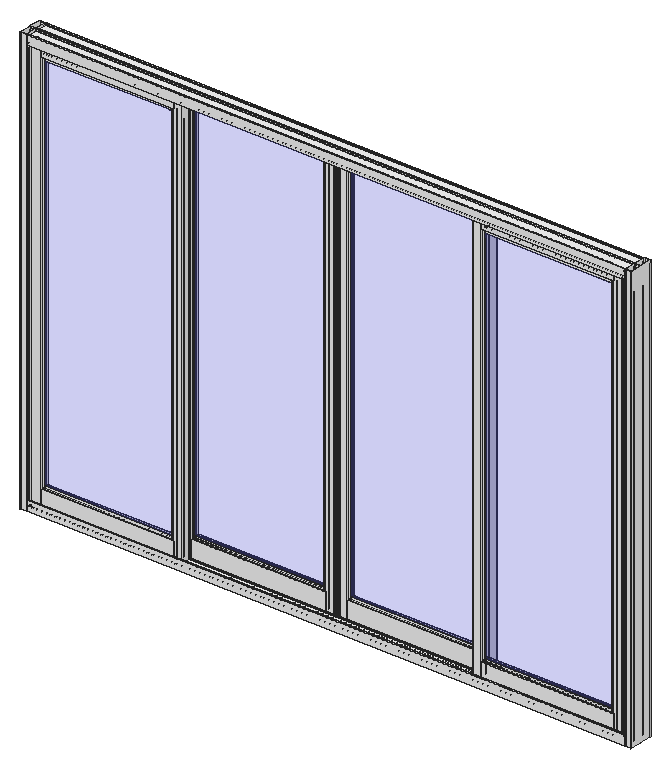
Revit family "Palace_Multi_OXXO_Custom", category Doors, host Wall, Revit 2014 (continued)
Definition of nested family "Palace_Sash_Fixed_Palace_OXXO_Cust"
  Definition of nested family "Palace_Double_Glazing_Bead"
    Reference planes
      plane 3 "Center (Left/Right)": x = 0
    Forms (mm)
      Sweep 1, solid, material <- "Profile Material"
        path origin (0, 0, 0) x (1, 0, 0) y (0, 0, 1)
          loop
            line (0, 0) -> (600, 0) -> (600, 900) -> (0, 900) -> (0, 0)
        profile origin (300, 0, 0) x (0, 0, 1) y (0, -1, 0)
          loop
            line (1.6, 21.9) -> (7.5, 21.9) -> (7.5, 18.8) -> (9.35, 18.8)
            arc (9.35, 18.8) -> (9.75, 19.2) -> (9.35, 19.6) r 0.4
            line (9.35, 19.6) -> (8.55, 19.6) -> (8.55, 21.9) -> (13.95, 21.9) -> (13.95, 19.6) -> (13.15, 19.6)
            arc (13.15, 19.6) -> (12.75, 19.2) -> (13.15, 18.8) r 0.4
            line (13.15, 18.8) -> (15, 18.8) -> (15, 23.5) -> (0, 23.5) -> (0, 15.9) -> (-1.387, 15.9) -> (-1.387, 16.7)
            arc (-1.387, 16.7) -> (-2.102, 16.411) -> (-2.4, 15.7) r 1
            line (-2.4, 15.7) -> (-2.4, 0.5)
            arc (-2.4, 0.5) -> (-1.9, 0) -> (-1.4, 0.5) r 0.5
            line (-1.4, 0.5) -> (-1.4, 3.5) -> (-0.4, 3.5) -> (-0.4, 14.5) -> (1.6, 14.5) -> (1.6, 21.9)
    Lines and regions (mm)
      symbolic lines
        curve 1: line (15, 0, 15) -> (15, 0, -3.262)
        curve 2: line (585, 0, 15) -> (585, 0, -2.637)
        curve 3: line (585, 0, 885) -> (585, 0, 902.012)
        curve 4: line (15, 0, 885) -> (15, 0, 902.325)
    Dimensions and locks
      "Bead Width": Sweep 1 sketch curve to Sweep 1 sketch curve
      "Bead Height": Sweep 1 sketch curve to Sweep 1 sketch curve
      aligned and locked: level to plane 2
      aligned and locked: Sweep 1 to curve 3  (x2)
      aligned and locked: Sweep 1 to curve 4
      aligned and locked: curve 4 to Sweep 1
      aligned and locked: Sweep 1 to curve 1
      aligned and locked: curve 1 to Sweep 1
      aligned and locked: Sweep 1 to curve 2
      aligned and locked: curve 2 to Sweep 1
    Automatic sketch dimensions
      profile plane to Sweep 1 sketch curve = 2.4 mm
      Sweep 1 sketch curve to Sweep 1 sketch curve = 0.5 mm
      Sweep 1 sketch curve to Sweep 1 sketch curve = 1 mm  (x2)
      Sweep 1 sketch curve to Sweep 1 sketch curve = 0.012 mm
      Sweep 1 sketch curve to Sweep 1 sketch curve = 1.387 mm
      Sweep 1 sketch curve to Sweep 1 sketch curve = 1.6 mm  (x2)
      Sweep 1 sketch curve to Sweep 1 sketch curve = 5.9 mm
      Sweep 1 sketch curve to Sweep 1 sketch curve = 1.05 mm  (x2)
      Sweep 1 sketch curve to Sweep 1 sketch curve = 0.8 mm  (x2)
      Sweep 1 sketch curve to Sweep 1 sketch curve = 3.8 mm
      Sweep 1 sketch curve to Sweep 1 sketch curve = 3 mm
      Sweep 1 sketch curve to Sweep 1 sketch curve = 11 mm
      Sweep 1 sketch curve to Sweep 1 sketch curve = 1.2 mm
      Sweep 1 sketch curve to Sweep 1 sketch curve = 0.2 mm
      Sweep 1 sketch curve to Sweep 1 sketch curve = 4.3 mm
      Sweep 1 sketch curve to Sweep 1 sketch curve = 0 mm  (x2)
      Sweep 1 sketch curve to Sweep 1 sketch curve = 0.4 mm  (x2)
      Sweep 1 sketch curve to Sweep 1 sketch curve = 2.3 mm
      plane 1 "Center (Front/Back)" to Sweep 1 sketch curve = 0.5 mm
      curve 1 to level = 3.262 mm
      curve 2 to level = 2.637 mm
      curve 4 to curve 4 = 17.325 mm
      curve 3 to curve 3 = 17.012 mm
      Sweep 1 sketch curve to plane 3 "Center (Left/Right)" = 0 mm
      Sweep 1 sketch curve to level = 0 mm
  Definition of nested family "Single_Glazing_Palace_OXXO_Cust"
    Parameters (values of type "Single_Glazing")
      Glazing Width [instance] = 900 mm
      Glazing Height [instance] = 900 mm
      Right Sliding [instance] = yes
      Length Arrow Tip [instance] = if((Glazing Height - (2 * 50.3 mm)) / 8 > Length Arrow / 3.3, Length Arrow / 3.3, (Glazing Height - (2 * 50.3 mm)) / 8)  # 80.747 mm
      Length Arrow [instance] = (Glazing Width - (2 * 50.3 mm)) / 3  # 266.467 mm
      Left Sliding [instance] = yes
      Is Sliding [instance] = if(or(Right Sliding, Left Sliding), 1 = 1, 1 = 2)  # yes
      Glazing Thickness SG [instance] = 4 mm
      Glazing Material [instance] = Glass
      Double Glazing Gasket Material [instance] = none
      Arrow Tip Length [instance] = if((Glazing Height - (2 * 50.3 mm)) / 8 > Length Arrow / 3.3, Length Arrow / 3.3, (Glazing Height - (2 * 50.3 mm)) / 8)  # 80.747 mm
      Arrow Tip Angle = 45.00°  # constant formula
      Arrow Left Gap [instance] = (Glazing Width - Length Arrow) / 2  # 316.767 mm
      Arrow Bottom Gap [instance] = Glazing Height / 2  # 450 mm
    Reference planes
      plane 1 "Center (Front/Back)": y = 0
      plane 2: z = 0
      plane 3 "Center (Left/Right)": x = 0
    Forms (mm)
      Extrusion 1, solid, material "Glass" <- "Glazing Material"
        sketch origin (0, 0, 0) x (1, 0, 0) y (0, 0, 1)
          loop
            line (0, 0) -> (0, 900) -> (-900, 900) -> (-900, 0) -> (0, 0)
        from 0 to 4 <- "Glazing Thickness SG"
    Lines and regions (mm)
      model lines, visible <- "Is Sliding"
        curve 1: line (-583.233, -4, 450) -> (-316.767, -4, 450)
      model lines, visible <- "Left Sliding"
        curve 2: line (-316.767, -4, 450) -> (-373.864, -4, 507.097)
        curve 3: line (-316.767, -4, 450) -> (-373.864, -4, 392.903)
      model lines, visible <- "Right Sliding"
        curve 4: line (-583.233, -4, 450) -> (-526.136, -4, 507.097)
        curve 5: line (-583.233, -4, 450) -> (-526.136, -4, 392.903)
    Dimensions and locks
      "Length Arrow": curve 1 to curve 1
      "Arrow Left Gap": plane 3 "Center (Left/Right)" to curve 1
      "Arrow Bottom Gap": level to curve 1
      "Arrow Tip Length": curve 3 to curve 2
      "Arrow Tip Length": curve 3 to curve 3
      "Length Arrow Tip": curve 5 to curve 5
      "Length Arrow Tip": curve 5 to curve 4
      "Glazing Width": plane 3 "Center (Left/Right)" to Extrusion 1 sketch curve
      "Glazing Height": Extrusion 1 sketch curve to level
      "Arrow Tip Angle": angle curve 3 to curve 1
      "Arrow Tip Angle": angle curve 1 to curve 2
      "Arrow Tip Angle": angle curve 4 to curve 1
      "Arrow Tip Angle": angle curve 1 to curve 5
      aligned and locked: level to plane 2
      aligned and locked: Extrusion 1 sketch curve to plane 3 "Center (Left/Right)"
      aligned and locked: level to Extrusion 1 sketch curve
  Definition of nested family "Double_Glazing_Palace_OXXO_Cust"
    Parameters (values of type "Double_Glazing")
      Glazing Width [instance] = 600 mm
      Glazing Height [instance] = 600 mm
      Right Sliding [instance] = yes
      Length Arrow Tip [instance] = if((Glazing Height - (2 * 50.3 mm)) / 8 > Length Arrow / 3.3, Length Arrow / 3.3, (Glazing Height - (2 * 50.3 mm)) / 8)  # 50.444 mm
      Length Arrow [instance] = (Glazing Width - (2 * 50.3 mm)) / 3  # 166.467 mm
      Left Sliding [instance] = yes
      Is Sliding [instance] = if(or(Right Sliding, Left Sliding), 1 = 1, 1 = 2)  # yes
      Glazing Thickness DG [instance] = 4 mm
      Glazing Material [instance] = Glass
      Double Glazing Gasket Thickness [instance] = 12 mm
      Double Glazing Gasket Material [instance] = none
      Arrow Tip Length [instance] = if((Glazing Height - (2 * 50.3 mm)) / 8 > Length Arrow / 3.3, Length Arrow / 3.3, (Glazing Height - (2 * 50.3 mm)) / 8)  # 50.444 mm
      Arrow Tip Angle = 45.00°  # constant formula
      Arrow Left Gap [instance] = (Glazing Width - Length Arrow) / 2  # 216.767 mm
      Arrow Bottom Gap [instance] = Glazing Height / 2  # 300 mm
    Reference planes
      plane 1 "Center (Front/Back)": y = 0
      plane 2: z = 0
      plane 3 "Center (Left/Right)": x = 0
    Forms (mm)
      Extrusion 1, solid, material "Glass" <- "Glazing Material"
        sketch origin (0, 0, 0) x (1, 0, 0) y (0, 0, 1)
          loop
            line (0, 0) -> (0, 600) -> (-600, 600) -> (-600, 0) -> (0, 0)
        from 0 to 4 <- "Glazing Thickness DG"
      Extrusion 2, solid, material <- "Double Glazing Gasket Material"
        sketch origin (0, -4, 0) x (1, 0, 0) y (0, 0, 1)
          loop
            line (-600, 600) -> (-600, 0) -> (0, 0) -> (0, 600) -> (-600, 600)
          loop
            line (-592, 8) -> (-8, 8) -> (-8, 592) -> (-592, 592) -> (-592, 8)
        from 0 to 12 <- "Double Glazing Gasket Thickness"
      Extrusion 3, solid, material "Glass" <- "Glazing Material"
        sketch origin (0, -16, 0) x (1, 0, 0) y (0, 0, 1)
          loop
            line (-600, 600) -> (-600, 0) -> (0, 0) -> (0, 600) -> (-600, 600)
        from 0 to 4 <- "Glazing Thickness DG"
    Lines and regions (mm)
      model lines, visible <- "Is Sliding"
        curve 1: line (-383.233, -20, 300) -> (-216.767, -20, 300)
      model lines, visible <- "Left Sliding"
        curve 2: line (-216.767, -20, 300) -> (-252.436, -20, 335.67)
        curve 3: line (-216.767, -20, 300) -> (-252.436, -20, 264.33)
      model lines, visible <- "Right Sliding"
        curve 4: line (-383.233, -20, 300) -> (-347.564, -20, 335.67)
        curve 5: line (-383.233, -20, 300) -> (-347.564, -20, 264.33)
    Dimensions and locks
      "Length Arrow": curve 1 to curve 1
      "Arrow Left Gap": plane 3 "Center (Left/Right)" to curve 1
      "Arrow Bottom Gap": level to curve 1
      "Arrow Tip Length": curve 3 to curve 2
      "Arrow Tip Length": curve 3 to curve 3
      "Length Arrow Tip": curve 5 to curve 5
      "Length Arrow Tip": curve 5 to curve 4
      "Glazing Width": plane 3 "Center (Left/Right)" to Extrusion 1 sketch curve
      "Glazing Height": Extrusion 1 sketch curve to level
      "Arrow Tip Angle": angle curve 3 to curve 1
      "Arrow Tip Angle": angle curve 1 to curve 2
      "Arrow Tip Angle": angle curve 4 to curve 1
      "Arrow Tip Angle": angle curve 1 to curve 5
      aligned and locked: level to plane 2
      aligned and locked: Extrusion 1 sketch curve to plane 3 "Center (Left/Right)"
      aligned and locked: level to Extrusion 1 sketch curve
      aligned and locked: Extrusion 2 sketch curve to Extrusion 1  (x4)
      aligned and locked: Extrusion 3 sketch curve to Extrusion 2  (x4)
    Automatic sketch dimensions
      Extrusion 2 sketch curve to Extrusion 1 = 8 mm  (x4)
  Definition of nested family "Palace_Heavy_Duty_Fixed_Interlocker"
    Parameters (values of type "Palace_Heavy_Duty_Fixed_Interlocker")
      Profile Material = none
      Length Interlocker [instance] = 250 mm
    Reference planes
      plane 1 "Center (Front/Back)": y = 0
      plane 2: z = 0
      plane 3 "Center (Left/Right)": x = 0
    Forms (mm)
      Extrusion 1, solid, material <- "Profile Material"
        sketch origin (0, 0, 0) x (1, 0, 0) y (0, 1, 0)
          loop
            arc (63.697, 110.567) -> (63.257, 111.628) -> (62.197, 112.067) r 1.5
            line (62.197, 112.067) -> (60.697, 112.067)
            arc (60.697, 112.067) -> (60.197, 111.567) -> (60.697, 111.067) r 0.5
            line (60.697, 111.067) -> (61.497, 111.067) -> (61.497, 109.867) -> (54.397, 109.867) -> (54.397, 111.067) -> (55.197, 111.067)
            arc (55.197, 111.067) -> (55.697, 111.567) -> (55.197, 112.067) r 0.5
            line (55.197, 112.067) -> (52.197, 112.067) -> (51.597, 111.567) -> (42.297, 111.567)
            arc (42.297, 111.567) -> (41.698, 111.009) -> (42.213, 110.373) r 0.6
            line (42.213, 110.373) -> (59.476, 107.934)
            arc (59.476, 107.934) -> (60.706, 107.265) -> (61.197, 105.954) r 2
            line (61.197, 105.954) -> (61.197, 103.267) -> (23.697, 103.267) -> (23.697, 93.576)
            arc (23.697, 93.576) -> (24.175, 93.076) -> (24.695, 93.532) r 0.5
            line (24.695, 93.532) -> (24.803, 94.767) -> (26.297, 94.767) -> (26.297, 76.267) -> (24.934, 76.267) -> (24.695, 79.002)
            arc (24.695, 79.002) -> (24.175, 79.458) -> (23.697, 78.958) r 0.5
            line (23.697, 78.958) -> (23.697, 66.067) -> (12.797, 66.067) -> (12.097, 65.667) -> (9.897, 65.667) -> (9.897, 66.967) -> (8.697, 66.967) -> (8.697, 64.267) -> (23.697, 64.267) -> (23.697, 8.267) -> (63.697, 8.267) -> (63.697, 110.567)
          loop
            line (25.697, 59.267) -> (25.697, 12.767) -> (61.697, 12.767) -> (61.697, 59.267) -> (25.697, 59.267)
          loop
            line (26.697, 74.467) -> (25.497, 74.467) -> (25.497, 61.067) -> (61.897, 61.067) -> (61.897, 101.267) -> (25.497, 101.267) -> (25.497, 96.567) -> (26.697, 96.567)
            arc (26.697, 96.567) -> (27.686, 96.157) -> (28.097, 95.167) r 1.4
            line (28.097, 95.167) -> (28.097, 75.867)
            arc (28.097, 75.867) -> (27.686, 74.877) -> (26.697, 74.467) r 1.4
        from 0 to 250 <- "Length Interlocker"
      Extrusion 2, void
        sketch origin (63.697, 102.967, 0) x (0, 1, 0) y (0, 0, -1)
          loop
            line (-52.2, 0) -> (-52.2, -19) -> (-46.4, -19) -> (-46.4, 0) -> (-52.2, 0)
          loop
            line (-52.2, -250) -> (-46.4, -250) -> (-46.4, -231) -> (-52.2, -231) -> (-52.2, -250)
        from 0 to 250
    Cuts and joins
      Extrusion 2 cuts Extrusion 1
    Dimensions and locks
      locked: Extrusion 2 sketch curve to Extrusion 1 at 42.5  (x2)
      locked: Extrusion 2 sketch curve to Extrusion 2 sketch curve at 5.8  (x2)
      locked: Extrusion 2 sketch curve to Extrusion 2 sketch curve at 19  (x2)
      aligned and locked: level to plane 2
      aligned and locked: Extrusion 1 to Extrusion 2 sketch curve
      aligned and locked: Extrusion 2 sketch curve to Extrusion 1
Definition of nested family "Palace_Sash_Meeting_Palace_OXXO_Cust"
  Parameters (values of type "Palace_Sash_Meeting")
    Standard Interlocker [instance] = if(or(Interlock Configuration = 0 mm, Interlock Configuration = 1 mm), 1 = 1, 1 = 0)  # yes
    Standard Astragal [instance] = if(Has Astragal, if(Meeting Stile Configuration = 0 mm, 1 = 1, 1 = 0), 1 = 0)  # yes
    Single Glazing [instance] = not(Double Glazing)  # yes
    Sill Height = 85 mm
    SG Exterior Offset [instance] = Back Glazing Pillar Gap - SG Available Space + ((SG Available Space - Glazing Thickness SG) / 2)  # 27.85 mm
    SG Available Space = 12.9 mm  # constant formula
    Meeting Stile Configuration [instance] = 0 mm
    Length Jamb & Interlocker [instance] = Sash Height  # 900 mm
    Meeting Stile Width = 50 mm  # constant formula
    Heavy Duty Interlock [instance] = if(Interlock Configuration = 2 mm, 1 = 1, 1 = 0)  # no
    Interlocker Width = 40 mm  # constant formula
    Interlock Configuration [instance] = 1 mm
    Sash Width [instance] = 900 mm
    Sash Height [instance] = 900 mm
    Right Sliding [instance] = yes
    Profile Material [instance] = White Powder Coated Aluminium ANP 1052
    Length Sash Head & Sill [instance] = Sash Width - Interlocker Width - Meeting Stile Width  # 810 mm
    Left Sliding [instance] = yes
    Is Sliding [instance] = if(or(Right Sliding, Left Sliding), 1 = 1, 1 = 2)  # yes
    Heavy Duty Astragal [instance] = if(Has Astragal, if(Meeting Stile Configuration = 1 mm, 1 = 1, 1 = 0), 1 = 0)  # no
    Head Height = 50 mm  # constant formula
    Has Astragal [instance] = yes
    Glazing Width [instance] = Sash Width - Glazing Jamb Gap - Glazing Interlocker Gap  # 800 mm
    Glazing Thickness DG [instance] = 3 mm
    Glazing Thickness SG [instance] = 4 mm
    Glazing Spacer = 5 mm  # constant formula
    Glazing Sill Gap = Sill Height + Glazing Spacer  # 90 mm
    Glazing Material [instance] = Glass
    Glazing Jamb Gap = Meeting Stile Width + Glazing Spacer  # 55 mm
    Glazing Interlocker Gap = Interlocker Width + Glazing Spacer  # 45 mm
    Glazing Height [instance] = Sash Height - Glazing Head Gap - Glazing Sill Gap  # 755 mm
    Glazing Head Gap = Head Height + Glazing Spacer  # 55 mm
    DG Gasket Thickness [instance] = 12 mm
    Double Glazing Gasket Material [instance] = none
    Double Glazing [instance] = no
    DG Exterior Offset [instance] = Back Glazing Pillar Gap - DG Available Space + ((DG Available Space - ((Glazing Thickness DG * 2) + DG Gasket Thickness)) / 2)  # 12.9 mm
    DG Available Space = 28.8 mm  # constant formula
    Bead Width [instance] = Sash Width - Interlocker Width - Meeting Stile Width  # 810 mm
    Bead Height [instance] = Sash Height - Sill Height - Head Height  # 765 mm
    Bead Gap From Exterior = 10.4 mm  # constant formula
    Back Glazing Pillar Gap = 36.3 mm  # constant formula
  Reference planes
    plane 1 "Center (Front/Back)": y = 0
    plane 2: z = 0
    plane 3 "Center (Left/Right)": x = 0
  Dimensions and locks
    "Interlocker Width": nested 1 to plane 3 "Center (Left/Right)"
    "Interlocker Width": nested 2 to plane 3 "Center (Left/Right)"
    "Sash Height": nested 2 to level
    "Interlocker Width": nested 3 to plane 3 "Center (Left/Right)"
    "Sill Height": nested 3 to level
    "Bead Gap From Exterior": nested 3 to plane 1 "Center (Front/Back)"
    "Interlocker Width": nested 4 to plane 3 "Center (Left/Right)"
    "Bead Gap From Exterior": nested 4 to plane 1 "Center (Front/Back)"
    "Sill Height": nested 4 to level
    "Glazing Interlocker Gap": nested 5 to plane 3 "Center (Left/Right)"
    "Glazing Sill Gap": nested 5 to level
    "SG Exterior Offset": nested 5 to plane 1 "Center (Front/Back)"
    "Glazing Interlocker Gap": nested 6 to plane 3 "Center (Left/Right)"
    "DG Exterior Offset": nested 6 to plane 1 "Center (Front/Back)"
    "Glazing Sill Gap": nested 6 to level
    "Sash Width": nested 9 to plane 3 "Center (Left/Right)"
    "Sash Width": nested 10 to plane 3 "Center (Left/Right)"
    "Sash Width": nested 11 to plane 3 "Center (Left/Right)"
    aligned and locked: level to plane 2
    aligned and locked: nested 1 to plane 1 "Center (Front/Back)"
    aligned and locked: nested 2 to plane 1 "Center (Front/Back)"
    aligned and locked: nested 1 to level
    aligned and locked: nested 7 to plane 1 "Center (Front/Back)"
    aligned and locked: plane 3 "Center (Left/Right)" to nested 7
    aligned and locked: nested 7 to level
    aligned and locked: plane 3 "Center (Left/Right)" to nested 8
    aligned and locked: nested 8 to plane 1 "Center (Front/Back)"
    aligned and locked: nested 8 to level
    aligned and locked: nested 9 to plane 1 "Center (Front/Back)"
    aligned and locked: nested 9 to level
    aligned and locked: nested 10 to plane 1 "Center (Front/Back)"
    aligned and locked: nested 10 to level
    aligned and locked: nested 11 to plane 1 "Center (Front/Back)"
    aligned and locked: nested 11 to level
  Nested families
    nested 1: "Palace_Sash_Sill" at (-850, -51.791, -7.573), Profile Material <- "Profile Material", Length Sill <- "Length Sash Head & Sill", type "Palace_Sash_Sill"
      with Profile Material White Powder Coated Aluminium ANP 1052, Length Sill 810 mm
    nested 2: "Palace_Sash_Head" at (-850, -69.85, 642.265), Length Head <- "Length Sash Head & Sill", Profile Material <- "Profile Material", type "Palace_Sash_Head"
      with Profile Material White Powder Coated Aluminium ANP 1052, Length Head 810 mm
    nested 3: "Palace_Angled_Glazing_Bead" at (-40, -23.399, 85) x (-1, 0, 0) z (0, 0, 1), Bead Width <- "Bead Width", Bead Height <- "Bead Height", Profile Material <- "Profile Material", visible <- "Single Glazing", type "Palace_Angled_Glazing_Bead"
      with Profile Material White Powder Coated Aluminium ANP 1052, Bead Width 810 mm, Bead Height 765 mm
    nested 4: "Palace_Double_Glazing_Bead" at (-40, -26.3, 85) x (-1, 0, 0) z (0, 0, 1), Bead Width <- "Bead Width", Bead Height <- "Bead Height", Profile Material <- "Profile Material", visible <- "Double Glazing", type "Palace_Double_Glazing_Bead"
      with Profile Material White Powder Coated Aluminium ANP 1052, Bead Width 810 mm, Bead Height 765 mm
    nested 5: "Single_Glazing_Palace_OXXO_Cust" at (-845, -31.85, 90) x (-1, 0, 0) z (0, 0, 1), Right Sliding <- "Right Sliding", Left Sliding <- "Left Sliding", Glazing Width <- "Glazing Width", Glazing Height <- "Glazing Height", Double Glazing Gasket Material <- "Double Glazing Gasket Material", Glazing Material <- "Glazing Material", Glazing Thickness SG <- "Glazing Thickness SG", visible <- "Single Glazing", type "Single_Glazing_Palace_OXXO_Cust"
      with Right Sliding yes, Length Arrow Tip 70.646 mm, Length Arrow 233.133 mm, Left Sliding yes, Is Sliding yes, Glazing Width 800 mm, Glazing Thickness SG 4 mm, Glazing Material Glass, Glazing Height 755 mm, Double Glazing Gasket Material none, Arrow Tip Length 70.646 mm, Arrow Left Gap 283.433 mm, Arrow Bottom Gap 377.5 mm
    nested 6: "Double_Glazing_Palace_OXXO_Cust" at (-845, -30.9, 90) x (-1, 0, 0) z (0, 0, 1), Glazing Width <- "Glazing Width", Glazing Height <- "Glazing Height", Glazing Material <- "Glazing Material", Double Glazing Gasket Material <- "Double Glazing Gasket Material", Double Glazing Gasket Thickness <- "DG Gasket Thickness", Glazing Thickness DG <- "Glazing Thickness DG", visible <- "Double Glazing", Right Sliding <- "Right Sliding", Left Sliding <- "Left Sliding", type "Double_Glazing_Palace_OXXO_Cust"
      with Right Sliding yes, Length Arrow Tip 70.646 mm, Length Arrow 233.133 mm, Left Sliding yes, Is Sliding yes, Glazing Width 800 mm, Glazing Thickness DG 3 mm, Glazing Material Glass, Glazing Height 755 mm, Double Glazing Gasket Thickness 12 mm, Double Glazing Gasket Material none, Arrow Tip Length 70.646 mm, Arrow Left Gap 283.433 mm, Arrow Bottom Gap 377.5 mm
    nested 7: "Palace_Sliding_Interlocker" at (-86.142, -119.741, 0), Profile Material <- "Profile Material", Length Interlocker <- "Length Jamb & Interlocker", visible <- "Standard Interlocker", type "Palace_Sliding_Interlocker"
      with Profile Material White Powder Coated Aluminium ANP 1052, Length Interlocker 900 mm
    nested 8: "Palace_Heavy_Duty_Sliding_Interlocker" at (-83.599, -157.115, 0), Profile Material <- "Profile Material", Length Interlocker <- "Length Jamb & Interlocker", visible <- "Heavy Duty Interlock", type "Palace_Heavy_Duty_Sliding_Interlocker"
      with Profile Material White Powder Coated Aluminium ANP 1052, Length Interlocker 900 mm
    nested 9: "Palace_Sash_Meeting_Stile" at (-907.649, 10.031, 0) x (0, -1, 0) z (0, 0, 1), Length Meeting Stile <- "Length Jamb & Interlocker", Profile Material <- "Profile Material", type "Palace_Sash_Meeting_Stile"
      with Profile Material White Powder Coated Aluminium ANP 1052, Length Meeting Stile 900 mm
    nested 10: "Palace_Heavy_Duty_Astragal" at (-883.247, 40.237, 0) x (-1, 0, 0) z (0, 0, 1), Length Heavy Duty Astragal <- "Length Jamb & Interlocker", Profile Material <- "Profile Material", visible <- "Heavy Duty Astragal", type "Palace_Heavy_Duty_Astragal"
      with Profile Material White Powder Coated Aluminium ANP 1052, Length Heavy Duty Astragal 900 mm
    nested 11: "Palace_Astragal" at (-874.949, 16.967, 0) x (-1, 0, 0) z (0, 0, 1), Length Astragal <- "Length Jamb & Interlocker", Profile Material <- "Profile Material", visible <- "Standard Astragal", type "Palace_Astragal"
      with Profile Material White Powder Coated Aluminium ANP 1052, Length Astragal 900 mm
  Definition of nested family "Palace_Sash_Sill"
    Parameters (values of type "Palace_Sash_Sill")
      Profile Material [instance] = none
      Length Sill [instance] = 250 mm
      Cutout Width = 15 mm  # constant formula
    Reference planes
      plane 1 "Center (Front/Back)": y = 0
      plane 2: z = 0
      plane 3 "Center (Left/Right)": x = 0
    Forms (mm)
      Extrusion 1, solid, material <- "Profile Material"
        sketch origin (0, 0, 0) x (0, 1, 0) y (0, 0, 1)
          loop
            line (7.791, 7.573) -> (9.591, 7.573) -> (9.591, 9.573) -> (12.691, 9.573) -> (12.691, 11.173) -> (9.581, 11.173) -> (9.581, 23.69) -> (10.091, 24.653) -> (10.091, 27.573) -> (49.486, 27.573) -> (49.486, 24.587) -> (50.041, 23.54) -> (50.041, 11.173) -> (46.891, 11.173) -> (46.891, 9.573) -> (49.991, 9.573) -> (49.991, 7.573) -> (51.791, 7.573) -> (51.791, 92.573) -> (42.095, 92.573)
            arc (42.095, 92.573) -> (41.595, 92.095) -> (42.051, 91.575) r 0.5
            line (42.051, 91.575) -> (43.286, 91.467) -> (43.286, 89.973) -> (24.786, 89.973) -> (24.786, 91.335) -> (27.521, 91.575)
            arc (27.521, 91.575) -> (27.977, 92.095) -> (27.477, 92.573) r 0.5
            line (27.477, 92.573) -> (14.586, 92.573) -> (14.586, 103.473) -> (14.186, 104.173) -> (14.186, 106.373) -> (15.486, 106.373) -> (15.486, 107.573) -> (12.786, 107.573) -> (12.786, 92.573) -> (7.791, 92.573) -> (7.791, 7.573)
          loop
            line (9.581, 90.773) -> (9.581, 29.373) -> (50, 29.373) -> (50, 90.773) -> (45.086, 90.773) -> (45.086, 89.573)
            arc (45.086, 89.573) -> (44.676, 88.583) -> (43.686, 88.173) r 1.4
            line (43.686, 88.173) -> (24.386, 88.173)
            arc (24.386, 88.173) -> (23.396, 88.583) -> (22.986, 89.573) r 1.4
            line (22.986, 89.573) -> (22.986, 90.773) -> (9.581, 90.773)
        from 0 to 250 <- "Length Sill"
      Extrusion 2, void
        sketch origin (0, 0, 0) x (1, 0, 0) y (0, 1, 0)
          loop
            line (0, 15.486) -> (0, 12.786) -> (15, 12.786) -> (15, 15.486) -> (0, 15.486)
          loop
            line (235, 15.486) -> (235, 12.786) -> (250, 12.786) -> (250, 15.486) -> (235, 15.486)
        from 0 to 250
    Cuts and joins
      Extrusion 2 cuts Extrusion 1
    Dimensions and locks
      "Cutout Width": Extrusion 1 to Extrusion 2 sketch curve
      "Cutout Width": Extrusion 2 sketch curve to Extrusion 1
      aligned and locked: level to plane 2
      aligned and locked: Extrusion 2 sketch curve to Extrusion 1  (x6)
    Automatic sketch dimensions
      Extrusion 1 sketch curve to plane 1 "Center (Front/Back)" = 7.791 mm
      Extrusion 1 sketch curve to plane 1 "Center (Front/Back)" = 9.581 mm
      Extrusion 1 sketch curve to Extrusion 1 sketch curve = 0 mm
      Extrusion 1 sketch curve to Extrusion 1 sketch curve = 0.01 mm
      Extrusion 1 sketch curve to Extrusion 1 sketch curve = 0.51 mm
      Extrusion 1 sketch curve to Extrusion 1 sketch curve = 3.11 mm
      Extrusion 1 sketch curve to Extrusion 1 sketch curve = 3.205 mm
      Extrusion 1 sketch curve to Extrusion 1 sketch curve = 1.4 mm  (x3)
      Extrusion 1 sketch curve to Extrusion 1 sketch curve = 1.8 mm  (x4)
      Extrusion 1 sketch curve to Extrusion 1 sketch curve = 1.3 mm
      Extrusion 1 sketch curve to Extrusion 1 sketch curve = 8.4 mm
      Extrusion 1 sketch curve to Extrusion 1 sketch curve = 0.4 mm  (x3)
      Extrusion 1 sketch curve to Extrusion 1 sketch curve = 2.691 mm
      Extrusion 1 sketch curve to Extrusion 1 sketch curve = 0.044 mm  (x2)
      Extrusion 1 sketch curve to Extrusion 1 sketch curve = 14.53 mm
      Extrusion 1 sketch curve to Extrusion 1 sketch curve = 1.235 mm
      level to Extrusion 1 sketch curve = 9.573 mm
      Extrusion 1 sketch curve to Extrusion 1 sketch curve = 34.2 mm
      Extrusion 1 sketch curve to Extrusion 1 sketch curve = 2.596 mm
      Extrusion 1 sketch curve to Extrusion 1 sketch curve = 3.1 mm
      Extrusion 1 sketch curve to Extrusion 1 sketch curve = 4.914 mm
      Extrusion 1 sketch curve to Extrusion 1 sketch curve = 0.05 mm
      level to Extrusion 1 sketch curve = 7.573 mm
      Extrusion 1 sketch curve to Extrusion 1 sketch curve = 2 mm  (x2)
      Extrusion 1 sketch curve to Extrusion 1 sketch curve = 1.6 mm  (x2)
      Extrusion 1 sketch curve to Extrusion 1 sketch curve = 12.367 mm
      Extrusion 1 sketch curve to Extrusion 1 sketch curve = 12.517 mm
      Extrusion 1 sketch curve to Extrusion 1 sketch curve = 1.048 mm
      Extrusion 1 sketch curve to Extrusion 1 sketch curve = 0.963 mm
      Extrusion 1 sketch curve to Extrusion 1 sketch curve = 2.92 mm
      Extrusion 1 sketch curve to Extrusion 1 sketch curve = 58.8 mm
      Extrusion 1 sketch curve to Extrusion 1 sketch curve = 1.2 mm  (x3)
      Extrusion 1 sketch curve to Extrusion 1 sketch curve = 1.363 mm
      Extrusion 1 sketch curve to Extrusion 1 sketch curve = 1.494 mm
      Extrusion 1 sketch curve to Extrusion 1 sketch curve = 0.239 mm
      Extrusion 1 sketch curve to Extrusion 1 sketch curve = 0.108 mm
      Extrusion 1 sketch curve to Extrusion 1 sketch curve = 0.498 mm  (x2)
      Extrusion 1 sketch curve to Extrusion 1 sketch curve = 10.9 mm
      Extrusion 1 sketch curve to Extrusion 1 sketch curve = 0.7 mm
      Extrusion 1 sketch curve to Extrusion 1 sketch curve = 2.2 mm
  Definition of nested family "Palace_Sash_Head"
    Parameters (values of type "Palace_Sash_Head")
      Profile Material [instance] = none
      Length Head [instance] = 250 mm
      Cutout Width = 15 mm  # constant formula
    Reference planes
      plane 1 "Center (Front/Back)": y = 0
      plane 2: z = 0
      plane 3 "Center (Left/Right)": x = 0
    Forms (mm)
      Extrusion 1, solid, material <- "Profile Material"
        sketch origin (0, 0, 0) x (0, 1, 0) y (0, 0, 1)
          loop
            line (69.85, 257.735) -> (68.05, 257.735) -> (68.05, 255.735) -> (64.95, 255.735) -> (64.95, 254.135) -> (68.1, 254.135) -> (68.1, 241.768) -> (67.545, 240.72) -> (67.545, 237.735) -> (28.15, 237.735) -> (28.15, 240.654) -> (27.64, 241.618) -> (27.64, 254.135) -> (30.75, 254.135) -> (30.75, 255.735) -> (27.65, 255.735) -> (27.65, 257.735) -> (25.85, 257.735) -> (25.85, 207.735) -> (30.845, 207.735) -> (30.845, 192.735) -> (33.545, 192.735) -> (33.545, 193.935) -> (32.245, 193.935) -> (32.245, 196.135) -> (32.645, 196.835) -> (32.645, 207.735) -> (45.537, 207.735)
            arc (45.537, 207.735) -> (46.036, 208.213) -> (45.58, 208.733) r 0.5
            line (45.58, 208.733) -> (42.845, 208.972) -> (42.845, 210.335) -> (61.345, 210.335) -> (61.345, 208.841) -> (60.111, 208.733)
            arc (60.111, 208.733) -> (59.655, 208.213) -> (60.154, 207.735) r 0.5
            line (60.154, 207.735) -> (69.85, 207.735) -> (69.85, 257.735)
          loop
            line (27.64, 235.935) -> (27.64, 209.535) -> (41.045, 209.535) -> (41.045, 210.735)
            arc (41.045, 210.735) -> (41.455, 211.725) -> (42.445, 212.135) r 1.4
            line (42.445, 212.135) -> (61.745, 212.135)
            arc (61.745, 212.135) -> (62.735, 211.725) -> (63.145, 210.735) r 1.4
            line (63.145, 210.735) -> (63.145, 209.535) -> (68.06, 209.535) -> (68.06, 235.935) -> (27.64, 235.935)
        from 0 to 250 <- "Length Head"
      Extrusion 2, void
        sketch origin (0, 0, 0) x (1, 0, 0) y (0, 1, 0)
          loop
            line (250, 30.845) -> (250, 33.545) -> (235, 33.545) -> (235, 30.845) -> (250, 30.845)
          loop
            line (15, 33.545) -> (0, 33.545) -> (0, 30.845) -> (15, 30.845) -> (15, 33.545)
        from 0 to 250
    Cuts and joins
      Extrusion 2 cuts Extrusion 1
    Dimensions and locks
      "Cutout Width": Extrusion 1 to Extrusion 2 sketch curve
      "Cutout Width": Extrusion 2 sketch curve to Extrusion 1
      aligned and locked: level to plane 2
      aligned and locked: Extrusion 1 to Extrusion 2 sketch curve  (x2)
      aligned and locked: Extrusion 2 sketch curve to Extrusion 1  (x4)
    Automatic sketch dimensions
      Extrusion 1 sketch curve to plane 1 "Center (Front/Back)" = 25.85 mm
      Extrusion 1 sketch curve to Extrusion 1 sketch curve = 1.79 mm  (x2)
      Extrusion 1 sketch curve to Extrusion 1 sketch curve = 0 mm  (x2)
      Extrusion 1 sketch curve to Extrusion 1 sketch curve = 1.8 mm  (x3)
      Extrusion 1 sketch curve to Extrusion 1 sketch curve = 0.51 mm
      Extrusion 1 sketch curve to Extrusion 1 sketch curve = 3.1 mm  (x2)
      Extrusion 1 sketch curve to Extrusion 1 sketch curve = 3.205 mm
      Extrusion 1 sketch curve to Extrusion 1 sketch curve = 1.4 mm  (x3)
      Extrusion 1 sketch curve to Extrusion 1 sketch curve = 1.3 mm
      Extrusion 1 sketch curve to Extrusion 1 sketch curve = 8.4 mm
      Extrusion 1 sketch curve to Extrusion 1 sketch curve = 0.4 mm  (x3)
      Extrusion 1 sketch curve to Extrusion 1 sketch curve = 2.691 mm
      Extrusion 1 sketch curve to Extrusion 1 sketch curve = 0.044 mm  (x2)
      Extrusion 1 sketch curve to Extrusion 1 sketch curve = 14.53 mm
      Extrusion 1 sketch curve to Extrusion 1 sketch curve = 1.235 mm
      Extrusion 1 sketch curve to Extrusion 1 sketch curve = 34.2 mm
      Extrusion 1 sketch curve to Extrusion 1 sketch curve = 2.596 mm
      Extrusion 1 sketch curve to Extrusion 1 sketch curve = 4.914 mm
      Extrusion 1 sketch curve to Extrusion 1 sketch curve = 0.554 mm
      level to Extrusion 1 sketch curve = 192.735 mm
      Extrusion 1 sketch curve to Extrusion 1 sketch curve = 1.2 mm
      Extrusion 1 sketch curve to Extrusion 1 sketch curve = 2.2 mm
      Extrusion 1 sketch curve to Extrusion 1 sketch curve = 0.7 mm
      Extrusion 1 sketch curve to Extrusion 1 sketch curve = 10.9 mm  (x2)
      Extrusion 1 sketch curve to Extrusion 1 sketch curve = 0.5 mm  (x2)
      Extrusion 1 sketch curve to Extrusion 1 sketch curve = 0.108 mm
      Extrusion 1 sketch curve to Extrusion 1 sketch curve = 0.239 mm
      Extrusion 1 sketch curve to Extrusion 1 sketch curve = 0.563 mm
      Extrusion 1 sketch curve to Extrusion 1 sketch curve = 0.694 mm
      Extrusion 1 sketch curve to Extrusion 1 sketch curve = 1.363 mm
      Extrusion 1 sketch curve to Extrusion 1 sketch curve = 23.8 mm
      Extrusion 1 sketch curve to Extrusion 1 sketch curve = 2.92 mm
      Extrusion 1 sketch curve to Extrusion 1 sketch curve = 2.985 mm
      Extrusion 1 sketch curve to Extrusion 1 sketch curve = 0.963 mm
      Extrusion 1 sketch curve to Extrusion 1 sketch curve = 1.048 mm
      Extrusion 1 sketch curve to Extrusion 1 sketch curve = 12.367 mm
      Extrusion 1 sketch curve to Extrusion 1 sketch curve = 12.517 mm
      Extrusion 1 sketch curve to Extrusion 1 sketch curve = 1.6 mm  (x2)
      Extrusion 1 sketch curve to Extrusion 1 sketch curve = 2 mm  (x2)
  Definition of nested family "Palace_Angled_Glazing_Bead"
    Parameters (values of type "Palace_Angled_Glazing_Bead")
      Profile Material [instance] = none
      Bead Width [instance] = 1120 mm
      Bead Height [instance] = 1860 mm
    Reference planes
      plane 1 "Center (Front/Back)": y = 0
      plane 2: z = 0
      plane 3 "Center (Left/Right)": x = 0
    Forms (mm)
      Sweep 1, solid, material <- "Profile Material"
        path origin (0, 0, 0) x (1, 0, 0) y (0, 0, 1)
          loop
            line (0, 0) -> (1120, 0) -> (1120, 1860) -> (0, 1860) -> (0, 0)
        profile origin (560, 0, 0) x (0, 0, 1) y (0, -1, 0)
          loop
            line (7.999, 0.8) -> (7.999, 2.044) -> (10.199, 4.244) -> (12.521, 1.922) -> (11.399, 0.8) -> (10.599, 0.8) -> (10.599, 0) -> (14.999, 0) -> (14.999, 1) -> (0.793, 15.205) -> (0, 15.205) -> (0, 12.999) -> (-1.4, 12.999) -> (-1.4, 13.823)
            arc (-1.4, 13.823) -> (-2.107, 13.53) -> (-2.4, 12.823) r 1
            line (-2.4, 12.823) -> (-2.4, 11.899) -> (0.6, 11.899)
            arc (0.6, 11.899) -> (0.953, 12.045) -> (1.1, 12.399) r 0.5
            line (1.1, 12.399) -> (1.1, 13.343) -> (9.421, 5.022) -> (6.899, 2.5) -> (6.899, 1.1) -> (-1.6, 1.1)
            arc (-1.6, 1.1) -> (-2.165, 0.866) -> (-2.4, 0.3) r 0.8
            line (-2.4, 0.3) -> (-2.4, -2.5)
            arc (-2.4, -2.5) -> (-1.9, -3) -> (-1.4, -2.5) r 0.5
            line (-1.4, -2.5) -> (-1.4, 0) -> (8.799, 0) -> (8.799, 0.8) -> (7.999, 0.8)
    Dimensions and locks
      "Bead Width": Sweep 1 sketch curve to Sweep 1 sketch curve
      "Bead Height": Sweep 1 sketch curve to Sweep 1 sketch curve
      aligned and locked: level to plane 2
    Automatic sketch dimensions
      Sweep 1 sketch curve to plane 1 "Center (Front/Back)" = 0 mm  (x2)
      profile plane to Sweep 1 sketch curve = 0 mm
      profile plane to Sweep 1 sketch curve = 1.4 mm  (x2)
      Sweep 1 sketch curve to Sweep 1 sketch curve = 0.2 mm
      Sweep 1 sketch curve to Sweep 1 sketch curve = 0.5 mm  (x2)
      Sweep 1 sketch curve to Sweep 1 sketch curve = 1 mm  (x2)
      Sweep 1 sketch curve to profile plane = 0.6 mm
      Sweep 1 sketch curve to profile plane = 0.793 mm
      plane 1 "Center (Front/Back)" to Sweep 1 sketch curve = 1.1 mm
      Sweep 1 sketch curve to profile plane = 6.899 mm
      Sweep 1 sketch curve to Sweep 1 sketch curve = 1.1 mm
      Sweep 1 sketch curve to Sweep 1 sketch curve = 0.8 mm  (x2)
      Sweep 1 sketch curve to Sweep 1 sketch curve = 1.422 mm
      plane 1 "Center (Front/Back)" to Sweep 1 sketch curve = 4.244 mm
      Sweep 1 sketch curve to Sweep 1 sketch curve = 0.778 mm  (x2)
      Sweep 1 sketch curve to Sweep 1 sketch curve = 1.8 mm
      plane 1 "Center (Front/Back)" to Sweep 1 sketch curve = 1.922 mm
      Sweep 1 sketch curve to Sweep 1 sketch curve = 1.122 mm
      Sweep 1 sketch curve to Sweep 1 sketch curve = 2.5 mm
      plane 1 "Center (Front/Back)" to Sweep 1 sketch curve = 0.8 mm
      Sweep 1 sketch curve to Sweep 1 sketch curve = 0.456 mm
      Sweep 1 sketch curve to Sweep 1 sketch curve = 1.444 mm
      Sweep 1 sketch curve to Sweep 1 sketch curve = 0.924 mm
      Sweep 1 sketch curve to Sweep 1 sketch curve = 0.176 mm
      Sweep 1 sketch curve to Sweep 1 sketch curve = 1.862 mm
      Sweep 1 sketch curve to Sweep 1 sketch curve = 2.478 mm
      Sweep 1 sketch curve to plane 3 "Center (Left/Right)" = 0 mm
      Sweep 1 sketch curve to level = 0 mm
  Definition of nested family "Palace_Double_Glazing_Bead"
    Parameters (values of type "Palace_Double_Glazing_Bead")
      Profile Material [instance] = none
      Bead Width [instance] = 600 mm
      Bead Height [instance] = 900 mm
    Reference planes
      plane 1 "Center (Front/Back)": y = 0
      plane 2: z = 0
      plane 3 "Center (Left/Right)": x = 0
    Forms (mm)
      Sweep 1, solid, material <- "Profile Material"
        path origin (0, 0, 0) x (1, 0, 0) y (0, 0, 1)
          loop
            line (0, 0) -> (600, 0) -> (600, 900) -> (0, 900) -> (0, 0)
        profile origin (300, 0, 0) x (0, 0, 1) y (0, -1, 0)
          loop
            line (1.6, 21.9) -> (7.5, 21.9) -> (7.5, 18.8) -> (9.35, 18.8)
            arc (9.35, 18.8) -> (9.75, 19.2) -> (9.35, 19.6) r 0.4
            line (9.35, 19.6) -> (8.55, 19.6) -> (8.55, 21.9) -> (13.95, 21.9) -> (13.95, 19.6) -> (13.15, 19.6)
            arc (13.15, 19.6) -> (12.75, 19.2) -> (13.15, 18.8) r 0.4
            line (13.15, 18.8) -> (15, 18.8) -> (15, 23.5) -> (0, 23.5) -> (0, 15.9) -> (-1.387, 15.9) -> (-1.387, 16.7)
            arc (-1.387, 16.7) -> (-2.102, 16.411) -> (-2.4, 15.7) r 1
            line (-2.4, 15.7) -> (-2.4, 0.5)
            arc (-2.4, 0.5) -> (-1.9, 0) -> (-1.4, 0.5) r 0.5
            line (-1.4, 0.5) -> (-1.4, 3.5) -> (-0.4, 3.5) -> (-0.4, 14.5) -> (1.6, 14.5) -> (1.6, 21.9)
    Lines and regions (mm)
      symbolic lines
        curve 1: line (15, 0, 15) -> (15, 0, -3.262)
        curve 2: line (585, 0, 15) -> (585, 0, -2.637)
        curve 3: line (585, 0, 885) -> (585, 0, 902.012)
        curve 4: line (15, 0, 885) -> (15, 0, 902.325)
    Dimensions and locks
      "Bead Width": Sweep 1 sketch curve to Sweep 1 sketch curve
      "Bead Height": Sweep 1 sketch curve to Sweep 1 sketch curve
      aligned and locked: level to plane 2
      aligned and locked: Sweep 1 to curve 3  (x2)
      aligned and locked: Sweep 1 to curve 4
      aligned and locked: curve 4 to Sweep 1
      aligned and locked: Sweep 1 to curve 1
      aligned and locked: curve 1 to Sweep 1
      aligned and locked: Sweep 1 to curve 2
      aligned and locked: curve 2 to Sweep 1
    Automatic sketch dimensions
      profile plane to Sweep 1 sketch curve = 2.4 mm
      Sweep 1 sketch curve to Sweep 1 sketch curve = 0.5 mm
      Sweep 1 sketch curve to Sweep 1 sketch curve = 1 mm  (x2)
      Sweep 1 sketch curve to Sweep 1 sketch curve = 0.012 mm
      Sweep 1 sketch curve to Sweep 1 sketch curve = 1.387 mm
      Sweep 1 sketch curve to Sweep 1 sketch curve = 1.6 mm  (x2)
      Sweep 1 sketch curve to Sweep 1 sketch curve = 5.9 mm
      Sweep 1 sketch curve to Sweep 1 sketch curve = 1.05 mm  (x2)
      Sweep 1 sketch curve to Sweep 1 sketch curve = 0.8 mm  (x2)
      Sweep 1 sketch curve to Sweep 1 sketch curve = 3.8 mm
      Sweep 1 sketch curve to Sweep 1 sketch curve = 3 mm
      Sweep 1 sketch curve to Sweep 1 sketch curve = 11 mm
      Sweep 1 sketch curve to Sweep 1 sketch curve = 1.2 mm
      Sweep 1 sketch curve to Sweep 1 sketch curve = 0.2 mm
      Sweep 1 sketch curve to Sweep 1 sketch curve = 4.3 mm
      Sweep 1 sketch curve to Sweep 1 sketch curve = 0 mm  (x2)
      Sweep 1 sketch curve to Sweep 1 sketch curve = 0.4 mm  (x2)
      Sweep 1 sketch curve to Sweep 1 sketch curve = 2.3 mm
      plane 1 "Center (Front/Back)" to Sweep 1 sketch curve = 0.5 mm
      curve 1 to level = 3.262 mm
      curve 2 to level = 2.637 mm
      curve 4 to curve 4 = 17.325 mm
      curve 3 to curve 3 = 17.012 mm
      Sweep 1 sketch curve to plane 3 "Center (Left/Right)" = 0 mm
      Sweep 1 sketch curve to level = 0 mm
  Definition of nested family "Single_Glazing_Palace_OXXO_Cust"
    Parameters (values of type "Single_Glazing")
      Glazing Width [instance] = 900 mm
      Glazing Height [instance] = 900 mm
      Right Sliding [instance] = yes
      Length Arrow Tip [instance] = if((Glazing Height - (2 * 50.3 mm)) / 8 > Length Arrow / 3.3, Length Arrow / 3.3, (Glazing Height - (2 * 50.3 mm)) / 8)  # 80.747 mm
      Length Arrow [instance] = (Glazing Width - (2 * 50.3 mm)) / 3  # 266.467 mm
      Left Sliding [instance] = yes
      Is Sliding [instance] = if(or(Right Sliding, Left Sliding), 1 = 1, 1 = 2)  # yes
      Glazing Thickness SG [instance] = 4 mm
      Glazing Material [instance] = Glass
      Double Glazing Gasket Material [instance] = none
      Arrow Tip Length [instance] = if((Glazing Height - (2 * 50.3 mm)) / 8 > Length Arrow / 3.3, Length Arrow / 3.3, (Glazing Height - (2 * 50.3 mm)) / 8)  # 80.747 mm
      Arrow Tip Angle = 45.00°  # constant formula
      Arrow Left Gap [instance] = (Glazing Width - Length Arrow) / 2  # 316.767 mm
      Arrow Bottom Gap [instance] = Glazing Height / 2  # 450 mm
    Reference planes
      plane 1 "Center (Front/Back)": y = 0
      plane 2: z = 0
      plane 3 "Center (Left/Right)": x = 0
    Forms (mm)
      Extrusion 1, solid, material "Glass" <- "Glazing Material"
        sketch origin (0, 0, 0) x (1, 0, 0) y (0, 0, 1)
          loop
            line (0, 0) -> (0, 900) -> (-900, 900) -> (-900, 0) -> (0, 0)
        from 0 to 4 <- "Glazing Thickness SG"
    Lines and regions (mm)
      model lines, visible <- "Is Sliding"
        curve 1: line (-583.233, -4, 450) -> (-316.767, -4, 450)
      model lines, visible <- "Left Sliding"
        curve 2: line (-316.767, -4, 450) -> (-373.864, -4, 507.097)
        curve 3: line (-316.767, -4, 450) -> (-373.864, -4, 392.903)
      model lines, visible <- "Right Sliding"
        curve 4: line (-583.233, -4, 450) -> (-526.136, -4, 507.097)
        curve 5: line (-583.233, -4, 450) -> (-526.136, -4, 392.903)
    Dimensions and locks
      "Length Arrow": curve 1 to curve 1
      "Arrow Left Gap": plane 3 "Center (Left/Right)" to curve 1
      "Arrow Bottom Gap": level to curve 1
      "Arrow Tip Length": curve 3 to curve 2
      "Arrow Tip Length": curve 3 to curve 3
      "Length Arrow Tip": curve 5 to curve 5
      "Length Arrow Tip": curve 5 to curve 4
      "Glazing Width": plane 3 "Center (Left/Right)" to Extrusion 1 sketch curve
      "Glazing Height": Extrusion 1 sketch curve to level
      "Arrow Tip Angle": angle curve 3 to curve 1
      "Arrow Tip Angle": angle curve 1 to curve 2
      "Arrow Tip Angle": angle curve 4 to curve 1
      "Arrow Tip Angle": angle curve 1 to curve 5
      aligned and locked: level to plane 2
      aligned and locked: Extrusion 1 sketch curve to plane 3 "Center (Left/Right)"
      aligned and locked: level to Extrusion 1 sketch curve
  Definition of nested family "Double_Glazing_Palace_OXXO_Cust"
    Parameters (values of type "Double_Glazing")
      Glazing Width [instance] = 600 mm
      Glazing Height [instance] = 600 mm
      Right Sliding [instance] = yes
      Length Arrow Tip [instance] = if((Glazing Height - (2 * 50.3 mm)) / 8 > Length Arrow / 3.3, Length Arrow / 3.3, (Glazing Height - (2 * 50.3 mm)) / 8)  # 50.444 mm
      Length Arrow [instance] = (Glazing Width - (2 * 50.3 mm)) / 3  # 166.467 mm
      Left Sliding [instance] = yes
      Is Sliding [instance] = if(or(Right Sliding, Left Sliding), 1 = 1, 1 = 2)  # yes
      Glazing Thickness DG [instance] = 4 mm
      Glazing Material [instance] = Glass
      Double Glazing Gasket Thickness [instance] = 12 mm
      Double Glazing Gasket Material [instance] = none
      Arrow Tip Length [instance] = if((Glazing Height - (2 * 50.3 mm)) / 8 > Length Arrow / 3.3, Length Arrow / 3.3, (Glazing Height - (2 * 50.3 mm)) / 8)  # 50.444 mm
      Arrow Tip Angle = 45.00°  # constant formula
      Arrow Left Gap [instance] = (Glazing Width - Length Arrow) / 2  # 216.767 mm
      Arrow Bottom Gap [instance] = Glazing Height / 2  # 300 mm
    Reference planes
      plane 1 "Center (Front/Back)": y = 0
      plane 2: z = 0
      plane 3 "Center (Left/Right)": x = 0
    Forms (mm)
      Extrusion 1, solid, material "Glass" <- "Glazing Material"
        sketch origin (0, 0, 0) x (1, 0, 0) y (0, 0, 1)
          loop
            line (0, 0) -> (0, 600) -> (-600, 600) -> (-600, 0) -> (0, 0)
        from 0 to 4 <- "Glazing Thickness DG"
      Extrusion 2, solid, material <- "Double Glazing Gasket Material"
        sketch origin (0, -4, 0) x (1, 0, 0) y (0, 0, 1)
          loop
            line (-600, 600) -> (-600, 0) -> (0, 0) -> (0, 600) -> (-600, 600)
          loop
            line (-592, 8) -> (-8, 8) -> (-8, 592) -> (-592, 592) -> (-592, 8)
        from 0 to 12 <- "Double Glazing Gasket Thickness"
      Extrusion 3, solid, material "Glass" <- "Glazing Material"
        sketch origin (0, -16, 0) x (1, 0, 0) y (0, 0, 1)
          loop
            line (-600, 600) -> (-600, 0) -> (0, 0) -> (0, 600) -> (-600, 600)
        from 0 to 4 <- "Glazing Thickness DG"
    Lines and regions (mm)
      model lines, visible <- "Is Sliding"
        curve 1: line (-383.233, -20, 300) -> (-216.767, -20, 300)
      model lines, visible <- "Left Sliding"
        curve 2: line (-216.767, -20, 300) -> (-252.436, -20, 335.67)
        curve 3: line (-216.767, -20, 300) -> (-252.436, -20, 264.33)
      model lines, visible <- "Right Sliding"
        curve 4: line (-383.233, -20, 300) -> (-347.564, -20, 335.67)
        curve 5: line (-383.233, -20, 300) -> (-347.564, -20, 264.33)
    Dimensions and locks
      "Length Arrow": curve 1 to curve 1
      "Arrow Left Gap": plane 3 "Center (Left/Right)" to curve 1
      "Arrow Bottom Gap": level to curve 1
      "Arrow Tip Length": curve 3 to curve 2
      "Arrow Tip Length": curve 3 to curve 3
      "Length Arrow Tip": curve 5 to curve 5
      "Length Arrow Tip": curve 5 to curve 4
      "Glazing Width": plane 3 "Center (Left/Right)" to Extrusion 1 sketch curve
      "Glazing Height": Extrusion 1 sketch curve to level
      "Arrow Tip Angle": angle curve 3 to curve 1
      "Arrow Tip Angle": angle curve 1 to curve 2
      "Arrow Tip Angle": angle curve 4 to curve 1
      "Arrow Tip Angle": angle curve 1 to curve 5
      aligned and locked: level to plane 2
      aligned and locked: Extrusion 1 sketch curve to plane 3 "Center (Left/Right)"
      aligned and locked: level to Extrusion 1 sketch curve
      aligned and locked: Extrusion 2 sketch curve to Extrusion 1  (x4)
      aligned and locked: Extrusion 3 sketch curve to Extrusion 2  (x4)
    Automatic sketch dimensions
      Extrusion 2 sketch curve to Extrusion 1 = 8 mm  (x4)
  Definition of nested family "Palace_Sliding_Interlocker"
    Parameters (values of type "Palace_Sliding_Interlocker")
      Profile Material [instance] = none
      Length Interlocker [instance] = 250 mm
    Reference planes
      plane 1 "Center (Front/Back)": y = 0
      plane 2: z = 0
      plane 3 "Center (Left/Right)": x = 0
    Forms (mm)
      Extrusion 1, solid, material <- "Profile Material"
        sketch origin (0, 0, 0) x (1, 0, 0) y (0, 1, 0)
          loop
            line (84.342, 119.741) -> (46.142, 119.741) -> (46.142, 110.049)
            arc (46.142, 110.049) -> (46.62, 109.55) -> (47.14, 110.006) r 0.5
            line (47.14, 110.006) -> (47.248, 111.241) -> (48.742, 111.241) -> (48.742, 92.741) -> (47.38, 92.741) -> (47.14, 95.475)
            arc (47.14, 95.475) -> (46.62, 95.931) -> (46.142, 95.432) r 0.5
            line (46.142, 95.432) -> (46.142, 82.541) -> (35.242, 82.541) -> (34.542, 82.141) -> (32.342, 82.141) -> (32.342, 83.441) -> (31.142, 83.441) -> (31.142, 80.741) -> (46.142, 80.741) -> (46.142, 75.741) -> (74.142, 75.741) -> (74.142, 73.054)
            arc (74.142, 73.054) -> (73.652, 71.742) -> (72.422, 71.074) r 2
            line (72.422, 71.074) -> (55.158, 68.635)
            arc (55.158, 68.635) -> (54.644, 67.999) -> (55.242, 67.441) r 0.6
            line (55.242, 67.441) -> (64.542, 67.441) -> (65.142, 66.941) -> (68.142, 66.941)
            arc (68.142, 66.941) -> (68.642, 67.441) -> (68.142, 67.941) r 0.5
            line (68.142, 67.941) -> (67.342, 67.941) -> (67.342, 69.141) -> (74.442, 69.141) -> (74.442, 67.941) -> (73.642, 67.941)
            arc (73.642, 67.941) -> (73.142, 67.441) -> (73.642, 66.941) r 0.5
            line (73.642, 66.941) -> (75.142, 66.941)
            arc (75.142, 66.941) -> (76.203, 67.38) -> (76.642, 68.441) r 1.5
            line (76.642, 68.441) -> (76.642, 75.741) -> (84.342, 75.741)
            arc (84.342, 75.741) -> (85.615, 76.268) -> (86.142, 77.541) r 1.8
            line (86.142, 77.541) -> (86.142, 117.941)
            arc (86.142, 117.941) -> (85.615, 119.213) -> (84.342, 119.741) r 1.8
          loop
            line (49.142, 90.941) -> (47.942, 90.941) -> (47.942, 77.541) -> (84.342, 77.541) -> (84.342, 117.741) -> (47.942, 117.741) -> (47.942, 113.041) -> (49.142, 113.041)
            arc (49.142, 113.041) -> (50.132, 112.631) -> (50.542, 111.641) r 1.4
            line (50.542, 111.641) -> (50.542, 92.341)
            arc (50.542, 92.341) -> (50.132, 91.351) -> (49.142, 90.941) r 1.4
        from 0 to 250 <- "Length Interlocker"
    Dimensions and locks
      aligned and locked: level to plane 2
  Definition of nested family "Palace_Heavy_Duty_Sliding_Interlocker"
    Parameters (values of type "Palace_Heavy_Duty_Sliding_Interlocker")
      Profile Material [instance] = none
      Length Interlocker [instance] = 250 mm
    Reference planes
      plane 1 "Center (Front/Back)": y = 0
      plane 2: z = 0
      plane 3 "Center (Left/Right)": x = 0
    Forms (mm)
      Extrusion 1, solid, material <- "Profile Material"
        sketch origin (0, 0, 0) x (1, 0, 0) y (0, 1, 0)
          loop
            line (83.599, 114.915) -> (83.599, 208.115) -> (43.599, 208.115) -> (43.599, 147.423)
            arc (43.599, 147.423) -> (44.077, 146.924) -> (44.597, 147.38) r 0.5
            line (44.597, 147.38) -> (44.705, 148.615) -> (46.199, 148.615) -> (46.199, 130.115) -> (44.836, 130.115) -> (44.597, 132.85)
            arc (44.597, 132.85) -> (44.077, 133.305) -> (43.599, 132.806) r 0.5
            line (43.599, 132.806) -> (43.599, 119.915) -> (32.699, 119.915) -> (31.999, 119.515) -> (29.799, 119.515) -> (29.799, 120.815) -> (28.599, 120.815) -> (28.599, 118.115) -> (43.599, 118.115) -> (43.599, 113.115) -> (71.599, 113.115) -> (71.599, 110.428)
            arc (71.599, 110.428) -> (71.109, 109.117) -> (69.879, 108.448) r 2
            line (69.879, 108.448) -> (52.615, 106.009)
            arc (52.615, 106.009) -> (52.101, 105.373) -> (52.699, 104.815) r 0.6
            line (52.699, 104.815) -> (61.999, 104.815) -> (62.599, 104.315) -> (65.599, 104.315)
            arc (65.599, 104.315) -> (66.099, 104.815) -> (65.599, 105.315) r 0.5
            line (65.599, 105.315) -> (64.799, 105.315) -> (64.799, 106.515) -> (71.899, 106.515) -> (71.899, 105.315) -> (71.099, 105.315)
            arc (71.099, 105.315) -> (70.599, 104.815) -> (71.099, 104.315) r 0.5
            line (71.099, 104.315) -> (72.599, 104.315)
            arc (72.599, 104.315) -> (73.66, 104.754) -> (74.099, 105.815) r 1.5
            line (74.099, 105.815) -> (74.099, 113.115) -> (81.799, 113.115)
            arc (81.799, 113.115) -> (83.072, 113.642) -> (83.599, 114.915) r 1.8
          loop
            line (46.599, 128.315) -> (45.399, 128.315) -> (45.399, 114.915) -> (81.799, 114.915) -> (81.799, 155.115) -> (45.399, 155.115) -> (45.399, 150.415) -> (46.599, 150.415)
            arc (46.599, 150.415) -> (47.589, 150.005) -> (47.999, 149.015) r 1.4
            line (47.999, 149.015) -> (47.999, 129.715)
            arc (47.999, 129.715) -> (47.589, 128.725) -> (46.599, 128.315) r 1.4
          loop
            line (45.599, 157.115) -> (81.599, 157.115) -> (81.599, 203.615) -> (45.599, 203.615) -> (45.599, 157.115)
        from 0 to 250 <- "Length Interlocker"
    Dimensions and locks
      aligned and locked: level to plane 2
  Definition of nested family "Palace_Sash_Meeting_Stile"
    Parameters (values of type "Palace_Sash_Meeting_Stile")
      Profile Material [instance] = none
      Length Meeting Stile [instance] = 250 mm
    Reference planes
      plane 1 "Center (Front/Back)": y = 0
      plane 2: z = 0
      plane 3 "Center (Left/Right)": x = 0
    Forms (mm)
      Extrusion 1, solid, material <- "Profile Material"
        sketch origin (0, 0, 0) x (1, 0, 0) y (0, 1, 0)
          loop
            arc (16.931, 20.449) -> (18.346, 19.863) -> (18.931, 18.449) r 2
            line (18.931, 18.449) -> (18.931, 14.149) -> (20.631, 14.149) -> (20.631, 12.949) -> (18.331, 12.949) -> (18.331, 9.449) -> (45.731, 9.449) -> (45.731, 12.949) -> (43.431, 12.949) -> (43.431, 14.149) -> (45.131, 14.149) -> (45.131, 18.449)
            arc (45.131, 18.449) -> (45.717, 19.863) -> (47.131, 20.449) r 2
            line (47.131, 20.449) -> (52.131, 20.449) -> (52.131, 55.849) -> (38.831, 55.849) -> (38.831, 54.649)
            arc (38.831, 54.649) -> (38.421, 53.659) -> (37.431, 53.249) r 1.4
            line (37.431, 53.249) -> (18.131, 53.249)
            arc (18.131, 53.249) -> (17.142, 53.659) -> (16.731, 54.649) r 1.4
            line (16.731, 54.649) -> (16.731, 55.849) -> (11.931, 55.849) -> (11.931, 20.449) -> (16.931, 20.449)
          loop
            line (47.731, 18.649) -> (54.031, 18.649) -> (54.031, 57.649) -> (49.031, 57.649) -> (49.031, 72.649) -> (46.331, 72.649) -> (46.331, 71.449) -> (47.631, 71.449) -> (47.631, 69.249) -> (47.231, 68.549) -> (47.231, 57.649) -> (34.34, 57.649)
            arc (34.34, 57.649) -> (33.841, 57.17) -> (34.297, 56.651) r 0.5
            line (34.297, 56.651) -> (37.031, 56.411) -> (37.031, 55.049) -> (18.531, 55.049) -> (18.531, 56.543) -> (19.766, 56.651)
            arc (19.766, 56.651) -> (20.222, 57.17) -> (19.723, 57.649) r 0.5
            line (19.723, 57.649) -> (10.031, 57.649) -> (10.031, 18.649) -> (16.331, 18.649)
            arc (16.331, 18.649) -> (17.039, 18.356) -> (17.331, 17.649) r 1
            line (17.331, 17.649) -> (17.331, 15.349) -> (16.531, 15.349) -> (16.531, 9.149)
            arc (16.531, 9.149) -> (16.971, 8.088) -> (18.031, 7.649) r 1.5
            line (18.031, 7.649) -> (46.031, 7.649)
            arc (46.031, 7.649) -> (47.092, 8.088) -> (47.531, 9.149) r 1.5
            line (47.531, 9.149) -> (47.531, 15.349) -> (46.731, 15.349) -> (46.731, 17.649)
            arc (46.731, 17.649) -> (47.024, 18.356) -> (47.731, 18.649) r 1
        from 0 to 250 <- "Length Meeting Stile"
    Dimensions and locks
      aligned and locked: level to plane 2
  Definition of nested family "Palace_Heavy_Duty_Astragal"
    Parameters (values of type "Palace_Heavy_Duty_Astragal")
      Profile Material [instance] = none
      Length Heavy Duty Astragal [instance] = 250 mm
    Reference planes
      plane 1 "Center (Front/Back)": y = 0
      plane 2: z = 0
      plane 3 "Center (Left/Right)": x = 0
    Forms (mm)
      Extrusion 1, solid, material <- "Profile Material"
        sketch origin (0, 0, 0) x (1, 0, 0) y (0, 1, 0)
          loop
            line (6.653, 99.437) -> (6.653, 84.237) -> (5.853, 84.237) -> (5.853, 82.637) -> (6.653, 82.637) -> (6.653, 77.037) -> (8.253, 77.037) -> (8.253, 82.637) -> (15.753, 82.637)
            arc (15.753, 82.637) -> (16.46, 82.344) -> (16.753, 81.637) r 1
            line (16.753, 81.637) -> (16.753, 78.937) -> (15.853, 78.937)
            arc (15.853, 78.937) -> (15.253, 78.337) -> (15.853, 77.737) r 0.6
            line (15.853, 77.737) -> (16.753, 77.737) -> (16.753, 62.237) -> (16.753, 46.737) -> (15.853, 46.737)
            arc (15.853, 46.737) -> (15.253, 46.137) -> (15.853, 45.537) r 0.6
            line (15.853, 45.537) -> (16.753, 45.537) -> (16.753, 42.837)
            arc (16.753, 42.837) -> (16.46, 42.13) -> (15.753, 41.837) r 1
            line (15.753, 41.837) -> (8.253, 41.837) -> (8.253, 47.437) -> (6.653, 47.437) -> (6.653, 41.837) -> (5.853, 41.837) -> (5.853, 40.237) -> (6.653, 40.237) -> (6.653, 25.037)
            arc (6.653, 25.037) -> (8.253, 20.237) -> (6.653, 15.437) r 8
            line (6.653, 15.437) -> (6.653, 7.238)
            arc (6.653, 7.238) -> (7.239, 5.823) -> (8.653, 5.238) r 2
            line (8.653, 5.238) -> (27.653, 5.238)
            arc (27.653, 5.238) -> (29.067, 5.823) -> (29.653, 7.238) r 2
            line (29.653, 7.238) -> (29.653, 15.437)
            arc (29.653, 15.437) -> (28.053, 20.237) -> (29.653, 25.037) r 8
            line (29.653, 25.037) -> (29.653, 43.237)
            arc (29.653, 43.237) -> (29.36, 43.945) -> (28.653, 44.237) r 1
            line (28.653, 44.237) -> (27.153, 44.237)
            arc (27.153, 44.237) -> (26.653, 43.737) -> (27.153, 43.237) r 0.5
            line (27.153, 43.237) -> (28.153, 43.237) -> (28.153, 41.837) -> (20.653, 41.837) -> (20.653, 43.237) -> (21.653, 43.237)
            arc (21.653, 43.237) -> (22.153, 43.737) -> (21.653, 44.237) r 0.5
            line (21.653, 44.237) -> (19.853, 44.237)
            arc (19.853, 44.237) -> (18.792, 44.677) -> (18.353, 45.737) r 1.5
            line (18.353, 45.737) -> (18.353, 62.237) -> (18.353, 78.737)
            arc (18.353, 78.737) -> (18.792, 79.798) -> (19.853, 80.237) r 1.5
            line (19.853, 80.237) -> (21.653, 80.237)
            arc (21.653, 80.237) -> (22.153, 80.737) -> (21.653, 81.237) r 0.5
            line (21.653, 81.237) -> (20.653, 81.237) -> (20.653, 82.637) -> (28.153, 82.637) -> (28.153, 81.237) -> (27.153, 81.237)
            arc (27.153, 81.237) -> (26.653, 80.737) -> (27.153, 80.237) r 0.5
            line (27.153, 80.237) -> (28.653, 80.237)
            arc (28.653, 80.237) -> (29.36, 80.53) -> (29.653, 81.237) r 1
            line (29.653, 81.237) -> (29.653, 99.437)
            arc (29.653, 99.437) -> (28.053, 104.237) -> (29.653, 109.037) r 8
            line (29.653, 109.037) -> (29.653, 117.237)
            arc (29.653, 117.237) -> (29.067, 118.651) -> (27.653, 119.237) r 2
